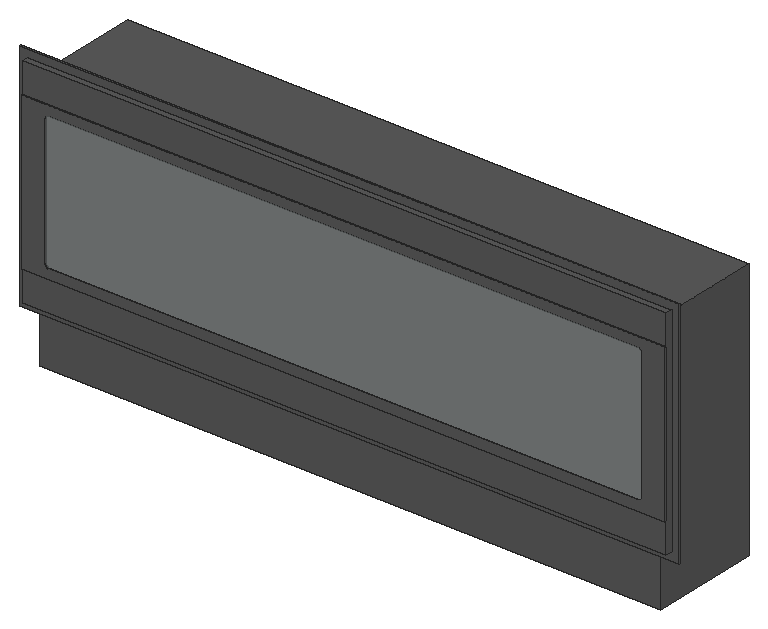
Revit family "PL60VFO", category Generic Models, Revit 2019
Family settings
  Can host rebar = No
  Round Connector Dimension = Use Diameter
  Part Type = Normal
  Work Plane-Based = No
  Always vertical = Yes
  Cut with Voids When Loaded = No
  Shared = No
  Room Calculation Point = No
Parameters
  Width = 12 5/16"
  URL = "https://www.montigo.com/"
  Model = ""
  Manufacturer Fax = ""
  Manufacturer Website = "https://www.montigo.com/"
  Manufacturer Phone - Toll Free = "800-378-3115"
  Manufacturer Phone = ""
  Manufacturer Address = "27342 Gloucester Way  Langley, BC, Canada   V4W 4A1"
  Manufacturer = "Montigo"
  Length = 53 7/16"
  Keynote = ""
  Glazing Tint = Glass - Montigo - Tint as Specified
  Frame Material = Metal - Montigo - Black
  Firebox Material = Metal - Montigo - White
  Fire Place Length = 50 5/16"
  Fire Place Height = 24 1/2"
  Fire Place - Opening = 16 9/16"
  Description = "Montigo Fireplace as Specified"
  Base Height = 6 9/16"
Reference planes (in)
  plane 1 "Center (Front/Back)": y = 0
  plane 2: z = 0
  plane 3 "Center (Left/Right)": x = 0
Forms (in)
  Extrusion 1, solid, material "Metal - Montigo - Black" <- "Frame Material"
    sketch origin (0, 42.87307, 0) x (1, 0, 0) y (0, 1, 0)
      loop
        line (-31.894, -31.55107) -> (-31.894, -42.83707) -> (31.894, -42.83707) -> (31.894, -31.55107) -> (-31.894, -31.55107)
    from 0 to 26.875
  Extrusion 2, solid, material "Metal - Montigo - Black" <- "Frame Material"
    sketch origin (0, 42.87307, 0) x (1, 0, 0) y (0, 1, 0)
      loop
        line (-33.85, -42.83707) -> (-33.85, -42.87307) -> (33.839, -42.87307) -> (33.839, -42.83707) -> (-33.85, -42.83707)
    from 4.887 to 28.839
  Extrusion 3, solid, material "Metal - Montigo - Black" <- "Frame Material"
    sketch origin (0, 42.83707, 0) x (1, 0, 0) y (0, 1, 0)
      loop
        line (-33.05, -42.83707) -> (-33.05, -43.53307) -> (33.05, -43.53307) -> (33.05, -42.83707) -> (-33.05, -42.83707)
    from 5.762 to 28
  Extrusion 4, solid, material "Metal - Montigo - Black" <- "Frame Material"
    sketch origin (0, 42.83707, 0) x (1, 0, 0) y (0, 1, 0)
      loop
        line (-33.05, -43.53307) -> (-33.05, -43.63207) -> (33.05, -43.63207) -> (33.05, -43.53307) -> (-33.05, -43.53307)
    from 8.86462 to 24.95662
  Extrusion 5, void
    sketch origin (42.25, -6.4375, 0) x (-1, 0, 0) y (0, 0, -1)
      loop
        arc (72.896, -10.24) -> (72.78617, -9.97483) -> (72.521, -9.865) r 0.375
        line (72.521, -9.865) -> (11.979, -9.865)
        arc (11.979, -9.865) -> (11.71383, -9.97483) -> (11.604, -10.24) r 0.375
        line (11.604, -10.24) -> (11.604, -23.582)
        arc (11.604, -23.582) -> (11.71383, -23.84717) -> (11.979, -23.957) r 0.375
        line (11.979, -23.957) -> (72.521, -23.957)
        arc (72.521, -23.957) -> (72.78617, -23.84717) -> (72.896, -23.582) r 0.375
        line (72.896, -23.582) -> (72.896, -10.24)
    from -5.7095 to -5.6425
Cuts and joins
  Extrusion 5 cuts Extrusion 4
Lines and regions (in)
  symbolic lines
    curve 1: line (-18.625, 0, 0) -> (18.625, 0, 0)
Dimensions and locks (in)
  aligned and locked: level to plane 2
